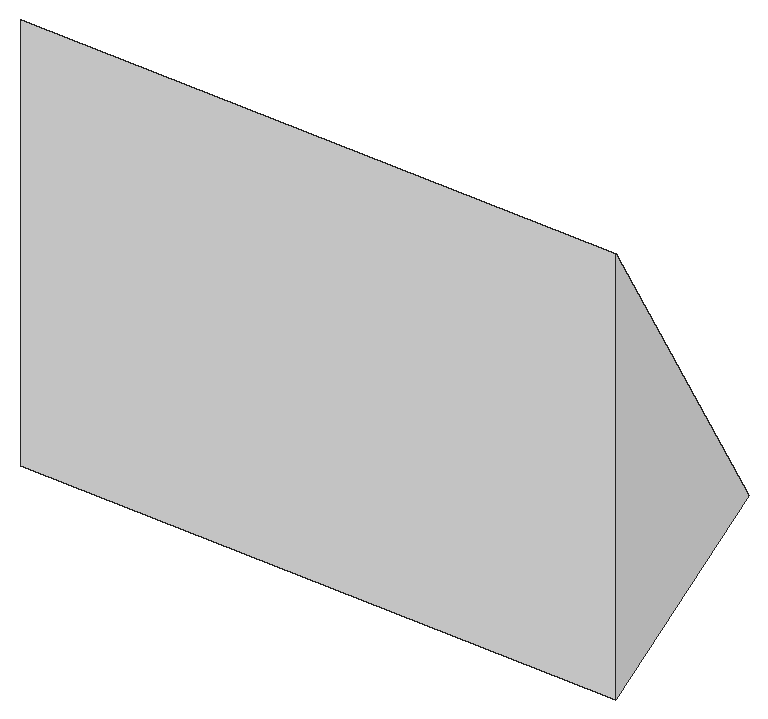
Revit family "TM92930A Triangle ER AP LED hvit Alog_Vegg", category Lighting Fixtures, Revit 2016
Family settings
  Part Type = Normal
  Round Connector Dimension = Use Diameter
  OmniClass Number = 23.80.70.11.21
  OmniClass Title = Emergency Lighting
  Work Plane-Based = No
  Always vertical = Yes
  Cut with Voids When Loaded = No
  Light Source = Yes
  Shared = No
  Room Calculation Point = No
Parameters (values of type "Ledelys")
  Wattage = 9.2903 W
  built-in parameter 1150110 = 1 (stored number, unit not read)
  Type Comments = "-UN"
  built-in parameter 1114217 = 1 (stored number, unit not read)
  Tilt Angle = 90.00°
  built-in parameter 1150109 = 1 (stored number, unit not read)
  built-in parameter 1150134 = 3
  built-in parameter 1150113 = 1 (stored number, unit not read)
  Photometric Web File = "2x4 3Lamp.ies"
  Number of Poles = 1
  Symbol Positive Direction [instance] = yes
  NS8360 = "4432_WT2"
  Manufacturer = "Honeywell"
  built-in parameter 1150105 = 109.82 (stored number, unit not read)
  Lumens = 1380 lm
  built-in parameter 1150115 = 1 (stored number, unit not read)
  built-in parameter 1150137 = (empty or 0)
  built-in parameter 1150139 = (empty or 0)
  built-in parameter 1150112 = 1 (stored number, unit not read)
  built-in parameter 1150114 = 1 (stored number, unit not read)
  Keynote = "WT2"
  built-in parameter 1150132 = (empty or 0)
  built-in parameter 1150102 = (empty or 0)
  built-in parameter 1150107 = 3200 (stored number, unit not read)
  built-in parameter 1150138 = (empty or 0)
  built-in parameter 1150106 = 1.0982 (stored number, unit not read)
  Height = 60 mm
  Voltage = 230 V
  Symbol Offset Side [instance] = 0 mm
  Symbol Offset Out [instance] = 0 mm
  Material = Aluminium
  Loads [instance] = 0 VA
  Length B = 145 mm
  Length A = 216 mm
  Glass Material = Plastic - Transparent
  Emit from Rectangle Width = Length B  # 145 mm
  Emit from Rectangle Length = Length A  # 216 mm
  Emit Shape Visible in Rendering = no
  built-in parameter 1150104 = 13.8 (stored number, unit not read)
  Dimming Lamp Color Temperature Shift = <None>
  Color Filter = 16777215
  built-in parameter 1114218 = 1 (stored number, unit not read)
  built-in parameter 1150133 = 10 (stored number, unit not read)
  Assembly Code = "4432"
Reference planes
  plane 1 "Light Source Axis (F/B)": y = 0
  plane 2: z = 0
  plane 3 "Light Source Axis (L/R)": x = 0
  plane 4 "Light Source Elevation": z = 0
  plane 5: z = -72.5
  plane 6: y = 60
  plane 7: x = -108
  plane 8: x = 108
  plane 9: z = 72.5
  plane 10: z = -32.5
Forms (mm)
  Extrusion 1, solid, material "Aluminium" <- "Material"
    sketch origin (0, 0, 0) x (0, 1, 0) y (0, 0, 1)
      loop
        line (0, 72.5) -> (0, -72.5) -> (60, -32.5) -> (0, 72.5)
    from -108 to 108
  Extrusion 2, void
    sketch origin (0, 33.462, -50.192) x (0, -0.83205, -0.5547) y (-1, 0, 0)
      loop
        line (9.278, 15) -> (-18.965, 5) -> (-18.965, -5) -> (9.278, -15) -> (9.278, 15)
      loop
        line (9.278, 69) -> (-18.965, 59) -> (-18.965, 49) -> (9.278, 39) -> (9.278, 69)
      loop
        line (9.278, -69) -> (9.278, -39) -> (-18.965, -49) -> (-18.965, -59) -> (9.278, -69)
    from -10 to 0
Cuts and joins
  Extrusion 2 cuts Extrusion 1
Lines and regions (mm)
  model lines, style "InvisibleLines"
    curve 1: line (0, 0, 0) -> (0, 0, -69.5)
Dimensions and locks
  plane 4 "Light Source Elevation" to plane 2 = 0 mm
  "Height": plane 6 to plane 1 "Light Source Axis (F/B)"
  equal spacing: plane 9, plane 4 "Light Source Elevation", plane 5
  equal spacing: plane 8, plane 3 "Light Source Axis (L/R)", plane 7
  "Length A": plane 8 to plane 7
  "Length B": plane 9 to plane 5
  plane 10 to plane 5 = 40 mm
  plane 3 "Light Source Axis (L/R)" to plane 7 = 108 mm
  aligned and locked: plane 2 to level
  aligned and locked: plane 1 "Light Source Axis (F/B)" to nested 1
  aligned and locked: plane 3 "Light Source Axis (L/R)" to nested 1
  aligned and locked: plane 6 to imposter light
  aligned and locked: plane 1 "Light Source Axis (F/B)" to Extrusion 1 sketch curve
  aligned and locked: Extrusion 1 to plane 7
  aligned and locked: plane 8 to Extrusion 1
  aligned and locked: cut or joined group of Extrusion 1, Extrusion 2 to cut or joined group of Extrusion 1, Extrusion 2
  aligned and locked: Extrusion 1 to Extrusion 2
Automatic sketch dimensions
  curve 1 to plane 3 "Light Source Axis (L/R)" = 0 mm
  plane 5 to curve 1 = 3 mm
  curve 1 to level = 0 mm
  Extrusion 1 sketch curve to plane 6 = 0 mm
  Extrusion 1 sketch curve to plane 10 = 0 mm
  Extrusion 1 sketch curve to plane 9 = 0 mm
  Extrusion 1 sketch curve to plane 5 = 0 mm
  plane 3 "Light Source Axis (L/R)" to Extrusion 2 sketch curve = 49 mm
  plane 7 to Extrusion 2 sketch curve = 49 mm
  Extrusion 2 sketch curve to Extrusion 2 sketch curve = 0 mm  (x3)
  Extrusion 2 sketch curve to plane 3 "Light Source Axis (L/R)" = 5 mm
  Extrusion 2 sketch curve to plane 3 "Light Source Axis (L/R)" = 15 mm
  Extrusion 2 sketch curve to Extrusion 2 sketch curve = 28.242 mm  (x2)
  Extrusion 2 sketch curve to Extrusion 2 sketch curve = 10 mm  (x4)
  plane 3 "Light Source Axis (L/R)" to Extrusion 2 sketch curve = 15 mm
  plane 3 "Light Source Axis (L/R)" to Extrusion 2 sketch curve = 5 mm
  Extrusion 2 sketch curve to plane 3 "Light Source Axis (L/R)" = 49 mm
  Extrusion 2 sketch curve to plane 3 "Light Source Axis (L/R)" = 39 mm
Nested families
  nested 1: "LedelysS" at (0, 0, 0), type "Type 1"
Connectors
  electrical at (0, 0, 0), driven by "Voltage", driven by "Loads", driven by "Number of Poles", driven by "Loads"
    settings: on plane 4 "Light Source Elevation", index 1, voltage 230 V, apparent load 0 VA, apparent load phase1 0 VA, apparent load phase2 0 VA, apparent load phase3 0 VA, power factor 1, load classification "Lighting", number of poles 1, system type 30, power factor state 1, is connector primary yes, connector utility no, sub classification motor no, connector description ""
Definition of nested family "LedelysS"
  Parameters
    CQ Symbol Positive Direction = yes
    CQ Symbol Negative Direction = not(CQ Symbol Positive Direction)  # no
    CQ Symbol Offset Side = 0 mm
    CQ Symbol Offset Out = 0 mm
  Reference planes
    plane 1: y = 0
    plane 2: x = 0
  Dimensions and locks
    "CQ Symbol Offset Out": plane 1 to nested 1
    "CQ Symbol Offset Out": plane 1 to nested 2
    "CQ Symbol Offset Side": plane 2 to nested 2
    "CQ Symbol Offset Side": nested 1 to plane 2
  Nested families
    nested 1: "LedelysSub" at (0, 0, 0), visible <- "CQ Symbol Negative Direction", type "Type 1"
    nested 2: "LedelysSub" at (0, 0, 0), visible <- "CQ Symbol Positive Direction", type "Type 1"
  Definition of nested family "LedelysSub"
    Reference planes
      plane 1: y = 0
      plane 2: x = 0
    Lines and regions (mm)
      detail lines
        curve 1: line (-4, 0, 0) -> (4, 0, 0)
        curve 2: line (4, 0, 0) -> (4, 4, 0)
        curve 3: line (4, 4, 0) -> (-4, 4, 0)
        curve 4: line (-4, 4, 0) -> (-4, 0, 0)
        curve 5: line (-3.097, 0.75, 0) -> (-0.597, 3.25, 0)
        curve 6: line (-3.097, 3.25, 0) -> (-0.597, 0.75, 0)
        curve 7: circle (-1.847, 2, 0) r 1.2 normal (0, 0, 1)
    Text (mm)
      text "LL" at (2.179, 3.025, 0)
